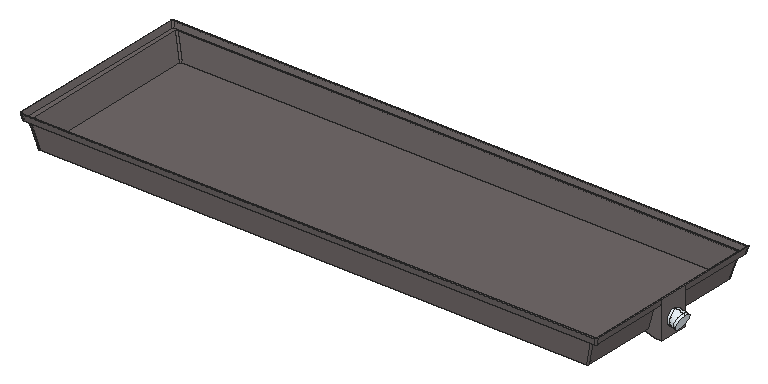
Revit family
Parameters (values of type "1850 X 610")
  Waste Connection Diameter = 40 mm
  Waste Connection Radius = Waste Connection Diameter / 2  # 20 mm
  URL = "http://www.autospec.co.za/browse.php?id=1644179286"
  Product Code = "GSTP 1950"
  OmniClass Title = ""
  OmniClass Number = ""
  Material = Polyethylene Black
  Modspec Classification = ""
  Specification = ""
  Location (revit room) = ""
  Description = ""
  Depth = 98 mm
  Colour = none
  Body Finish = none
  Width = 610 mm
  Model = "Geyser Drip Tray Horizontal 250 lt"
  Manufacturer = "Kwikot"  # constant formula
  Length = 1850 mm
  Assembly Code = "E1090100"
  Adapter Material = PVC
Reference planes
  plane 1 "Center (Front/Back)": y = 0
  plane 2 "Bottom": z = 0
  plane 3 "Center (Left/Right)": x = 0
  plane 4 "Right": x = 1850
  plane 5 "Back": y = 610
  plane 6 "Top": z = 98
  plane 7: z = -20
  plane 8: x = 1845.5
  plane 9: x = 4.5
  plane 10: y = 605.5
  plane 11: y = 4.5
  plane 12: y = 590
  plane 13: y = 20
  plane 14: x = 1806.5
  plane 15: x = 43.5
  plane 16: z = 78
  plane 17: y = 600.5
  plane 18: y = 9.5
  plane 19: x = 1829
  plane 20: x = 21
  plane 21: x = 925
  plane 22: y = 305
Forms (mm)
  Blend 1, solid, material "Polyethylene Black" <- "Material"
    base sketch origin (-61.036, -1851.128, 98) x (-1, 0, 0) y (0, -1, 0)
      loop
        arc (-66.036, -2461.128) -> (-62.501, -2459.664) -> (-61.036, -2456.128) r 5
        line (-61.036, -2456.128) -> (-61.036, -1856.128)
        arc (-61.036, -1856.128) -> (-62.501, -1852.593) -> (-66.036, -1851.128) r 5
        line (-66.036, -1851.128) -> (-1906.036, -1851.128)
        arc (-1906.036, -1851.128) -> (-1909.572, -1852.593) -> (-1911.036, -1856.128) r 5
        line (-1911.036, -1856.128) -> (-1911.036, -2456.128)
        arc (-1911.036, -2456.128) -> (-1909.572, -2459.664) -> (-1906.036, -2461.128) r 5
        line (-1906.036, -2461.128) -> (-66.036, -2461.128)
    top sketch origin (-61.036, -1851.128, 98) x (-1, 0, 0) y (0, -1, 0)
      loop
        arc (-70.536, -2456.628) -> (-67.001, -2455.164) -> (-65.536, -2451.628) r 5
        line (-65.536, -2451.628) -> (-65.536, -1860.628)
        arc (-65.536, -1860.628) -> (-67.001, -1857.093) -> (-70.536, -1855.628) r 5
        line (-70.536, -1855.628) -> (-1901.536, -1855.628)
        arc (-1901.536, -1855.628) -> (-1905.072, -1857.093) -> (-1906.536, -1860.628) r 5
        line (-1906.536, -1860.628) -> (-1906.536, -2451.628)
        arc (-1906.536, -2451.628) -> (-1905.072, -2455.164) -> (-1901.536, -2456.628) r 5
        line (-1901.536, -2456.628) -> (-70.536, -2456.628)
    from 0 to -20
  Blend 2, solid, material "Polyethylene Black" <- "Material"
    base sketch origin (-270.578, -1524, 78) x (-1, 0, 0) y (0, -1, 0)
      loop
        arc (-296.578, -2124.5) -> (-293.042, -2123.036) -> (-291.578, -2119.5) r 5
        line (-291.578, -2119.5) -> (-291.578, -1538.5)
        arc (-291.578, -1538.5) -> (-293.042, -1534.964) -> (-296.578, -1533.5) r 5
        line (-296.578, -1533.5) -> (-2094.578, -1533.5)
        arc (-2094.578, -1533.5) -> (-2098.113, -1534.964) -> (-2099.578, -1538.5) r 5
        line (-2099.578, -1538.5) -> (-2099.578, -2119.5)
        arc (-2099.578, -2119.5) -> (-2098.113, -2123.036) -> (-2094.578, -2124.5) r 5
        line (-2094.578, -2124.5) -> (-296.578, -2124.5)
    top sketch origin (-270.578, -1524, 78) x (-1, 0, 0) y (0, -1, 0)
      loop
        arc (-319.078, -2114) -> (-315.542, -2112.536) -> (-314.078, -2109) r 5
        line (-314.078, -2109) -> (-314.078, -1549)
        arc (-314.078, -1549) -> (-315.542, -1545.464) -> (-319.078, -1544) r 5
        line (-319.078, -1544) -> (-2072.078, -1544)
        arc (-2072.078, -1544) -> (-2075.613, -1545.464) -> (-2077.078, -1549) r 5
        line (-2077.078, -1549) -> (-2077.078, -2109)
        arc (-2077.078, -2109) -> (-2075.613, -2112.536) -> (-2072.078, -2114) r 5
        line (-2072.078, -2114) -> (-319.078, -2114)
    from 0 to -78
  Blend 3, void
    base sketch origin (-61.036, -1851.128, 98) x (0, -1, 0) y (1, 0, 0)
      loop
        arc (-1858.128, 63.036) -> (-1854.593, 64.501) -> (-1853.128, 68.036) r 5
        line (-1853.128, 68.036) -> (-1853.128, 1904.036)
        arc (-1853.128, 1904.036) -> (-1854.593, 1907.572) -> (-1858.128, 1909.036) r 5
        line (-1858.128, 1909.036) -> (-2454.128, 1909.036)
        arc (-2454.128, 1909.036) -> (-2457.664, 1907.572) -> (-2459.128, 1904.036) r 5
        line (-2459.128, 1904.036) -> (-2459.128, 68.036)
        arc (-2459.128, 68.036) -> (-2457.664, 64.501) -> (-2454.128, 63.036) r 5
        line (-2454.128, 63.036) -> (-1858.128, 63.036)
    top sketch origin (-61.036, -1851.128, 98) x (0, -1, 0) y (1, 0, 0)
      loop
        arc (-1862.628, 67.536) -> (-1859.093, 69.001) -> (-1857.628, 72.536) r 5
        line (-1857.628, 72.536) -> (-1857.628, 1899.536)
        arc (-1857.628, 1899.536) -> (-1859.093, 1903.072) -> (-1862.628, 1904.536) r 5
        line (-1862.628, 1904.536) -> (-2449.628, 1904.536)
        arc (-2449.628, 1904.536) -> (-2453.164, 1903.072) -> (-2454.628, 1899.536) r 5
        line (-2454.628, 1899.536) -> (-2454.628, 72.536)
        arc (-2454.628, 72.536) -> (-2453.164, 69.001) -> (-2449.628, 67.536) r 5
        line (-2449.628, 67.536) -> (-1862.628, 67.536)
    from 0 to -18
  Blend 4, void
    base sketch origin (-270.578, -1524, 78) x (0, -1, 0) y (1, 0, 0)
      loop
        arc (-1540.5, 293.578) -> (-1536.964, 295.042) -> (-1535.5, 298.578) r 5
        line (-1535.5, 298.578) -> (-1535.5, 2092.578)
        arc (-1535.5, 2092.578) -> (-1536.964, 2096.113) -> (-1540.5, 2097.578) r 5
        line (-1540.5, 2097.578) -> (-2117.5, 2097.578)
        arc (-2117.5, 2097.578) -> (-2121.036, 2096.113) -> (-2122.5, 2092.578) r 5
        line (-2122.5, 2092.578) -> (-2122.5, 298.578)
        arc (-2122.5, 298.578) -> (-2121.036, 295.042) -> (-2117.5, 293.578) r 5
        line (-2117.5, 293.578) -> (-1540.5, 293.578)
    top sketch origin (-270.578, -1524, 78) x (0, -1, 0) y (1, 0, 0)
      loop
        arc (-2112, 321.078) -> (-2110.536, 317.542) -> (-2107, 316.078) r 5
        line (-2107, 316.078) -> (-1551, 316.078)
        arc (-1551, 316.078) -> (-1547.464, 317.542) -> (-1546, 321.078) r 5
        line (-1546, 321.078) -> (-1546, 2070.078)
        arc (-1546, 2070.078) -> (-1547.464, 2073.613) -> (-1551, 2075.078) r 5
        line (-1551, 2075.078) -> (-2107, 2075.078)
        arc (-2107, 2075.078) -> (-2110.536, 2073.613) -> (-2112, 2070.078) r 5
        line (-2112, 2070.078) -> (-2112, 321.078)
    from 2 to -76
  Extrusion 5, solid, material "Polyethylene Black" <- "Material"
    sketch origin (-104.769, 305, 4000) x (-1, 0, 0) y (0, 0, 1)
      loop
        line (-1954.769, -4020) -> (-1933.769, -4020) -> (-1878.819, -4000) -> (-1911.269, -4000) -> (-1933.769, -3922) -> (-1950.269, -3922) -> (-1954.769, -3902) -> (-1954.769, -4020)
    from -45.5 to 45.5
  Sweep 6, solid, material "PVC" <- "Adapter Material"
    path origin (-104.769, 305, 4000) x (-1, 0, 0) y (0, 0, 1)
      loop
        line (-1954.769, -3961) -> (-1964.807, -3961)
        arc (-1964.807, -3961) -> (-1973.465, -3961.948) -> (-1981.712, -3964.748) r 40
        line (-1981.712, -3964.748) -> (-1988.766, -3968.037)
    profile origin (1855.019, 305, 39) x (0, 0, -1) y (0, 1, 0)
      loop
        circle (9, 0) r 25
Cuts and joins
  Blend 3, Blend 4 cuts Blend 1
  Blend 3, Blend 4 cuts Blend 2
  joined: Blend 1, Blend 2, Extrusion 5
Lines and regions (mm)
  symbolic lines
    curve 1: line (2, 7, 0) -> (2, 603, 0)
    curve 2: arc (2, 603, 0) -> (3.464, 606.536, 0) -> (7, 608, 0) r 5
    curve 3: line (7, 608, 0) -> (1843, 608, 0)
    curve 4: line (6.5, 598.5, 0) -> (6.5, 11.5, 0)
    curve 5: arc (11.5, 603.5, 0) -> (7.964, 602.036, 0) -> (6.5, 598.5, 0) r 5
    curve 6: line (1838.5, 603.5, 0) -> (11.5, 603.5, 0)
    curve 7: line (23, 16.5, 0) -> (23, 593.5, 0)
    curve 8: arc (23, 593.5, 0) -> (24.464, 597.036, 0) -> (28, 598.5, 0) r 5
    curve 9: line (28, 598.5, 0) -> (1822, 598.5, 0)
    curve 10: line (1848, 603, 0) -> (1848, 7, 0)
    curve 11: line (1843.5, 11.5, 0) -> (1843.5, 598.5, 0)
    curve 12: arc (1843.5, 598.5, 0) -> (1842.036, 602.036, 0) -> (1838.5, 603.5, 0) r 5
    curve 13: line (1827, 593.5, 0) -> (1827, 16.5, 0)
    curve 14: arc (1822, 598.5, 0) -> (1825.536, 597.036, 0) -> (1827, 593.5, 0) r 5
    curve 15: arc (1843, 608, 0) -> (1846.536, 606.536, 0) -> (1848, 603, 0) r 5
    curve 16: arc (1848, 7, 0) -> (1846.536, 3.464, 0) -> (1843, 2, 0) r 5
    curve 17: arc (1838.5, 6.5, 0) -> (1842.036, 7.964, 0) -> (1843.5, 11.5, 0) r 5
    curve 18: line (1843, 2, 0) -> (7, 2, 0)
    curve 19: line (11.5, 6.5, 0) -> (1838.5, 6.5, 0)
    curve 20: arc (1827, 16.5, 0) -> (1825.536, 12.964, 0) -> (1822, 11.5, 0) r 5
    curve 21: line (1822, 11.5, 0) -> (28, 11.5, 0)
    curve 22: arc (7, 2, 0) -> (3.464, 3.464, 0) -> (2, 7, 0) r 5
    curve 23: arc (6.5, 11.5, 0) -> (7.964, 7.964, 0) -> (11.5, 6.5, 0) r 5
    curve 24: arc (28, 11.5, 0) -> (24.464, 12.964, 0) -> (23, 16.5, 0) r 5
    curve 32: line (45.5, 583, 0) -> (45.5, 27, 0)
    curve 33: arc (45.5, 27, 0) -> (46.964, 23.464, 0) -> (50.5, 22, 0) r 5
    curve 34: line (50.5, 22, 0) -> (1799.5, 22, 0)
    curve 35: arc (1799.5, 22, 0) -> (1803.036, 23.464, 0) -> (1804.5, 27, 0) r 5
    curve 36: line (1804.5, 27, 0) -> (1804.5, 583, 0)
    curve 37: arc (1804.5, 583, 0) -> (1803.036, 586.536, 0) -> (1799.5, 588, 0) r 5
    curve 38: line (1799.5, 588, 0) -> (50.5, 588, 0)
    curve 39: arc (50.5, 588, 0) -> (46.964, 586.536, 0) -> (45.5, 583, 0) r 5
    curve 40: line (0, 605, 0) -> (0, 5, 0)
    curve 41: arc (5, 610, 0) -> (1.464, 608.536, 0) -> (0, 605, 0) r 5
    curve 42: line (1845, 610, 0) -> (5, 610, 0)
    curve 43: arc (1850, 605, 0) -> (1848.536, 608.536, 0) -> (1845, 610, 0) r 5
    curve 44: line (1850, 350.5, 0) -> (1850, 605, 0)
    curve 45: arc (1845, 0, 0) -> (1848.536, 1.464, 0) -> (1850, 5, 0) r 5
    curve 46: line (5, 0, 0) -> (1845, 0, 0)
    curve 47: arc (0, 5, 0) -> (1.464, 1.464, 0) -> (5, 0, 0) r 5
  symbolic lines, detail levels fine
    curve 25: line (1850, 350.5, 0) -> (1774.05, 350.5, 0)
    curve 26: line (1774.05, 350.5, 0) -> (1774.05, 259.5, 0)
    curve 27: line (1774.05, 259.5, 0) -> (1850, 259.5, 0)
    curve 28: spline (1890.759, 305, 0) -> (1890.399, 298.53, 0) -> (1889.343, 292.5, 0) -> (1887.664, 287.322, 0) -> (1885.476, 283.349, 0) -> (1882.928, 280.852, 0) -> (1880.193, 280, 0) -> (1877.459, 280.852, 0) -> (1874.911, 283.349, 0) -> (1872.723, 287.322, 0) -> (1871.044, 292.5, 0) -> (1869.988, 298.53, 0) -> (1869.628, 305, 0)
    curve 29: spline (1869.628, 305, 0) -> (1869.988, 311.47, 0) -> (1871.044, 317.5, 0) -> (1872.723, 322.678, 0) -> (1874.911, 326.651, 0) -> (1877.459, 329.148, 0) -> (1880.193, 330, 0) -> (1882.928, 329.148, 0) -> (1885.476, 326.651, 0) -> (1887.664, 322.678, 0) -> (1889.343, 317.5, 0) -> (1890.399, 311.47, 0) -> (1890.759, 305, 0)
    curve 30: line (1880.193, 330, 0) -> (1850, 330, 0)
    curve 31: line (1880.193, 280, 0) -> (1850, 280, 0)
Dimensions and locks
  "Length": plane 3 "Center (Left/Right)" to plane 4 "Right"
  "Width": plane 1 "Center (Front/Back)" to plane 5 "Back"
  "Depth": plane 6 "Top" to plane 2 "Bottom"
  plane 6 "Top" to plane 7 = 118 mm
  locked: plane 19 to plane 4 "Right" at 21
  locked: plane 3 "Center (Left/Right)" to plane 20 at 21
  locked: plane 8 to plane 4 "Right" at 4.5
  locked: plane 3 "Center (Left/Right)" to plane 9 at 4.5
  locked: plane 3 "Center (Left/Right)" to plane 15 at 43.5
  locked: plane 14 to plane 4 "Right" at 43.5
  plane 15 to plane 14 = 1763 mm
  plane 8 to plane 9 = 1841 mm
  plane 20 to plane 19 = 1808 mm
  locked: plane 5 "Back" to plane 10 at 4.5
  locked: plane 1 "Center (Front/Back)" to plane 11 at 4.5
  plane 10 to plane 11 = 601 mm
  locked: plane 5 "Back" to plane 17 at 9.5
  locked: plane 18 to plane 1 "Center (Front/Back)" at 9.5
  plane 17 to plane 18 = 591 mm
  locked: plane 5 "Back" to plane 12 at 20
  locked: plane 13 to plane 1 "Center (Front/Back)" at 20
  plane 12 to plane 13 = 570 mm
  locked: plane 6 "Top" to plane 16 at 20
  plane 16 to plane 2 "Bottom" = 78 mm
  locked: cut or joined group of Blend 1, Blend 2, Blend 3, Blend 4, Extrusion 5 to plane 2 "Bottom" at 2
  equal spacing: plane 3 "Center (Left/Right)", plane 21, plane 4 "Right"
  Extrusion 5 to Extrusion 5 = 91 mm  (x2)
  equal spacing: plane 1 "Center (Front/Back)", plane 22, plane 5 "Back"
  plane 6 "Top" to Sweep 6 sketch curve = 68 mm
  radius of Sweep 6 sketch curve = 25 mm
  aligned and locked: level to plane 2 "Bottom"
  aligned and locked: Blend 1 sketch curve to plane 5 "Back"
  aligned and locked: plane 3 "Center (Left/Right)" to Blend 1 sketch curve
  aligned and locked: Blend 1 sketch curve to plane 1 "Center (Front/Back)"
  aligned and locked: plane 4 "Right" to Blend 1 sketch curve
  aligned and locked: Blend 1 sketch curve to plane 10
  aligned and locked: plane 9 to Blend 1 sketch curve
  aligned and locked: Blend 1 sketch curve to plane 11
  aligned and locked: plane 8 to Blend 1 sketch curve
  aligned and locked: Blend 2 sketch curve to plane 17
  aligned and locked: Blend 2 sketch curve to plane 20
  aligned and locked: Blend 2 sketch curve to plane 18
  aligned and locked: plane 19 to Blend 2 sketch curve
  aligned and locked: Blend 2 sketch curve to plane 12
  aligned and locked: Blend 2 sketch curve to plane 15
  aligned and locked: Blend 2 sketch curve to plane 13
  aligned and locked: plane 14 to Blend 2 sketch curve
  aligned and locked: Blend 1 to plane 16
  aligned and locked: Blend 2 to level
  aligned and locked: Blend 1 to plane 6 "Top"
  aligned and locked: Blend 2 to plane 16
  aligned and locked: Extrusion 5 sketch curve to plane 7
  aligned and locked: Extrusion 5 sketch curve to plane 4 "Right"
  aligned and locked: Extrusion 5 sketch curve to cut or joined group of Blend 1, Blend 2, Blend 3, Blend 4, Extrusion 5  (x4)
  aligned and locked: curve 2 to cut or joined group of Blend 1, Blend 2, Blend 3, Blend 4, Extrusion 5
  aligned and locked: curve 5 to cut or joined group of Blend 1, Blend 2, Blend 3, Blend 4, Extrusion 5
  aligned and locked: curve 8 to cut or joined group of Blend 1, Blend 2, Blend 3, Blend 4, Extrusion 5
  aligned and locked: curve 12 to cut or joined group of Blend 1, Blend 2, Blend 3, Blend 4, Extrusion 5
  aligned and locked: curve 14 to cut or joined group of Blend 1, Blend 2, Blend 3, Blend 4, Extrusion 5
  aligned and locked: curve 15 to cut or joined group of Blend 1, Blend 2, Blend 3, Blend 4, Extrusion 5
  aligned and locked: curve 16 to cut or joined group of Blend 1, Blend 2, Blend 3, Blend 4, Extrusion 5
  aligned and locked: curve 17 to cut or joined group of Blend 1, Blend 2, Blend 3, Blend 4, Extrusion 5
  aligned and locked: curve 20 to cut or joined group of Blend 1, Blend 2, Blend 3, Blend 4, Extrusion 5
  aligned and locked: curve 22 to cut or joined group of Blend 1, Blend 2, Blend 3, Blend 4, Extrusion 5
  aligned and locked: curve 23 to cut or joined group of Blend 1, Blend 2, Blend 3, Blend 4, Extrusion 5
  aligned and locked: curve 24 to cut or joined group of Blend 1, Blend 2, Blend 3, Blend 4, Extrusion 5
  aligned and locked: plane 22 to Sweep 6 sketch curve
  aligned and locked: curve 25 to cut or joined group of Blend 1, Blend 2, Blend 3, Blend 4, Extrusion 5
  aligned and locked: curve 26 to cut or joined group of Blend 1, Blend 2, Blend 3, Blend 4, Extrusion 5
  aligned and locked: curve 27 to cut or joined group of Blend 1, Blend 2, Blend 3, Blend 4, Extrusion 5
  aligned and locked: curve 32 to cut or joined group of Blend 1, Blend 2, Blend 3, Blend 4, Extrusion 5
  aligned and locked: curve 33 to cut or joined group of Blend 1, Blend 2, Blend 3, Blend 4, Extrusion 5
  aligned and locked: curve 34 to cut or joined group of Blend 1, Blend 2, Blend 3, Blend 4, Extrusion 5
  aligned and locked: curve 35 to cut or joined group of Blend 1, Blend 2, Blend 3, Blend 4, Extrusion 5
  aligned and locked: curve 36 to cut or joined group of Blend 1, Blend 2, Blend 3, Blend 4, Extrusion 5
  aligned and locked: curve 37 to cut or joined group of Blend 1, Blend 2, Blend 3, Blend 4, Extrusion 5
  aligned and locked: curve 38 to cut or joined group of Blend 1, Blend 2, Blend 3, Blend 4, Extrusion 5
  aligned and locked: curve 39 to cut or joined group of Blend 1, Blend 2, Blend 3, Blend 4, Extrusion 5
  aligned and locked: curve 40 to cut or joined group of Blend 1, Blend 2, Blend 3, Blend 4, Extrusion 5
  aligned and locked: curve 41 to cut or joined group of Blend 1, Blend 2, Blend 3, Blend 4, Extrusion 5
  aligned and locked: curve 42 to cut or joined group of Blend 1, Blend 2, Blend 3, Blend 4, Extrusion 5
  aligned and locked: curve 43 to cut or joined group of Blend 1, Blend 2, Blend 3, Blend 4, Extrusion 5
  aligned and locked: curve 44 to cut or joined group of Blend 1, Blend 2, Blend 3, Blend 4, Extrusion 5
  aligned and locked: curve 45 to cut or joined group of Blend 1, Blend 2, Blend 3, Blend 4, Extrusion 5
  aligned and locked: curve 47 to cut or joined group of Blend 1, Blend 2, Blend 3, Blend 4, Extrusion 5
Automatic sketch dimensions
  Blend 4 sketch curve to plane 17 = 2 mm
  plane 19 to Blend 4 sketch curve = 2 mm
  plane 12 to Blend 4 sketch curve = 3.5 mm  (x2)
  Blend 4 sketch curve to plane 20 = 2 mm
  Blend 4 sketch curve to plane 13 = 3.5 mm  (x2)
  plane 18 to Blend 4 sketch curve = 2 mm
  Blend 4 sketch curve to plane 12 = 2 mm
  Blend 4 sketch curve to plane 15 = 2 mm
  Blend 4 sketch curve to plane 12 = 7 mm  (x2)
  plane 14 to Blend 4 sketch curve = 2 mm
  plane 13 to Blend 4 sketch curve = 7 mm
  plane 13 to Blend 4 sketch curve = 2 mm
  Blend 4 sketch curve to Blend 4 sketch curve = 5 mm
  Blend 3 sketch curve to plane 5 "Back" = 2 mm
  plane 3 "Center (Left/Right)" to Blend 3 sketch curve = 2 mm
  Blend 3 sketch curve to plane 10 = 2.5 mm  (x2)
  plane 11 to Blend 3 sketch curve = 2.5 mm  (x2)
  Blend 3 sketch curve to plane 1 "Center (Front/Back)" = 2 mm
  plane 8 to Blend 3 sketch curve = 2.5 mm
  Blend 3 sketch curve to plane 10 = 2 mm
  Blend 3 sketch curve to plane 17 = 2 mm  (x2)
  plane 18 to Blend 3 sketch curve = 2 mm  (x2)
  plane 11 to Blend 3 sketch curve = 2 mm
  plane 9 to Blend 3 sketch curve = 2 mm
  plane 8 to Blend 3 sketch curve = 7 mm
  plane 19 to Blend 2 sketch curve = 5 mm  (x2)
  Blend 2 sketch curve to plane 17 = 5 mm
  Blend 2 sketch curve to plane 20 = 5 mm
  plane 14 to Blend 2 sketch curve = 5 mm  (x2)
  Blend 2 sketch curve to Blend 2 sketch curve = 5 mm
  Blend 2 sketch curve to plane 15 = 5 mm
  plane 8 to Blend 1 sketch curve = 0.5 mm  (x2)
  plane 9 to Blend 1 sketch curve = 0.5 mm  (x2)
  Blend 1 sketch curve to plane 17 = 0 mm  (x2)
  Blend 1 sketch curve to plane 18 = 0 mm  (x2)
  plane 19 to Extrusion 5 sketch curve = 0 mm
  Extrusion 5 sketch curve to Extrusion 5 sketch curve = 32.45 mm
  plane 4 "Right" to Sweep 6 sketch curve = 0 mm
  Sweep 6 sketch curve to Sweep 6 sketch curve = 10.038 mm
  Sweep 6 sketch curve to Sweep 6 sketch curve = 16.905 mm
  Sweep 6 sketch curve to Sweep 6 sketch curve = 7.054 mm
  Sweep 6 sketch curve to level = 1 mm
  Sweep 6 sketch curve to Sweep 6 sketch curve = 32.963 mm
  Sweep 6 sketch curve to Sweep 6 sketch curve = 3.289 mm
  curve 27 to plane 4 "Right" = 0 mm
  curve 30 to plane 4 "Right" = 0 mm
  curve 31 to plane 4 "Right" = 0 mm
  curve 28 to plane 22 = 0 mm
  plane 14 to curve 27 = 32.45 mm
  curve 28 to plane 4 "Right" = 19.628 mm
  curve 29 to curve 29 = 10.565 mm
  curve 31 to curve 28 = 0 mm
  curve 30 to curve 28 = 0 mm
  curve 31 to plane 22 = 25 mm
  curve 27 to plane 22 = 45.5 mm
  plane 22 to curve 30 = 25 mm
  plane 22 to curve 25 = 45.5 mm
  curve 33 to plane 15 = 7 mm
  curve 38 to plane 12 = 2 mm
  curve 38 to plane 15 = 7 mm
  curve 32 to plane 15 = 2 mm
  plane 13 to curve 35 = 2 mm
  plane 14 to curve 35 = 7 mm
  plane 14 to curve 37 = 7 mm
  plane 14 to curve 35 = 2 mm
  plane 9 to curve 41 = 0.5 mm
Connectors
  piping at (1880.193, 305, 23.806), driven by "Waste Connection Radius"
    settings: on Sweep 6, index 1, connector radius 20 mm, flow factor 0, pipe flow 0.0 L/s, pressure drop 0.0 Pa, fitting loss kfactor 0, connector angle 0.00°, fixture units 0, flow configuration 2, flow direction 2, fitting loss method 0, system type 29, connector reference index -1, connector utility 0, adjustable connector no, is connector primary yes, fitting loss table "", connector description "Waist Outlet"
